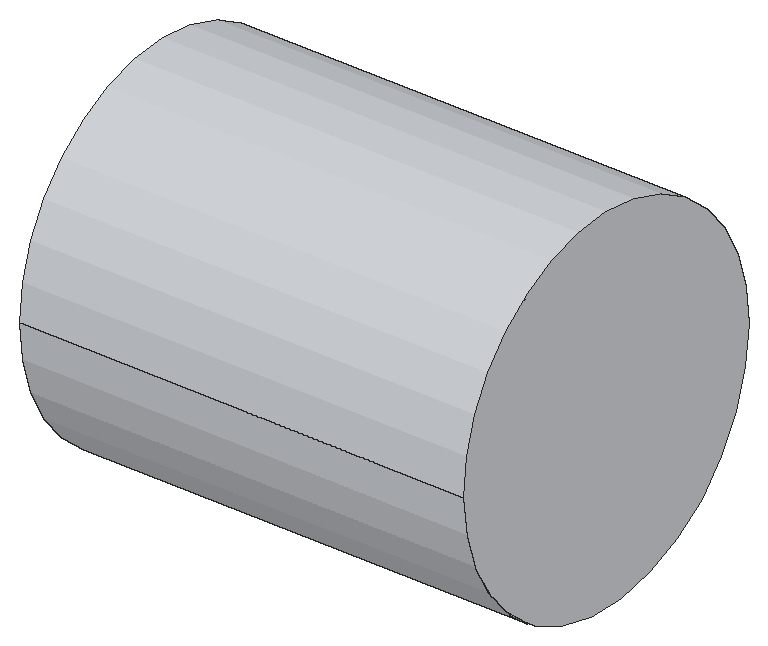
Revit family "GPC-Raiser", category Pipe Accessories, Revit 2025
Family settings
  Round Connector Dimension = Use Radius
  Part Type = Sensor
  OmniClass Number = 23.60.10.14
  OmniClass Title = Pressure Measuring Instruments
  Work Plane-Based = No
  Always vertical = Yes
  Cut with Voids When Loaded = No
  Shared = No
Parameters (values of type "50 mm Dial - 8 mm")
  built-in parameter 1114242 [instance] = 1
  Thickness = 28 mm
  Loss Method = Not Defined
  Dial Radius 5 = Dial Radius 4 * 1.5  # 3.75 mm
  Dial Radius 4 = Dial Radius * 0.1  # 2.5 mm
  Dial Radius 3 = Dial Radius * 0.8  # 20 mm
  Dial Radius 2 = Dial Radius * 0.5  # 12.5 mm
  Dial Radius 1 = Dial Radius * 0.9  # 22.5 mm
  Dial Radius = Dial Diameter / 2  # 25 mm
  Dial Diameter = 50 mm
  Nominal Radius = 4 mm
  Nominal Diameter = Nominal Radius * 2  # 8 mm
  Length 7 = Dial Radius 3 / 4  # 5 mm
  Length 6 = Dial Radius 2 * sin(45.00°)  # 8.839 mm
  Length 5 = Dial Radius 4 * 2 * sin(45.00°)  # 3.536 mm
  Length 4 = Dial Radius 2 * sin(45.00°) - Dial Radius 4 * sin(45.00°)  # 7.071 mm
  Length 3 = Dial Radius 2 * sin(45.00°) + Dial Radius 4 * sin(45.00°)  # 10.607 mm
  Length 2 = Dial Radius 3 * sin(45.00°)  # 14.142 mm
  Length 1 = Thickness / 4  # 7 mm
  Height = 72 mm
  Gauge Material = none
  Default Elevation = 0 mm
Types (4, lengths in mm): name | built-in parameter 1114242 | Thickness | Dial Radius 5 | Dial Radius 4 | Dial Radius 3 | Dial Radius 2 | Dial Radius 1 | Dial Radius | Dial Diameter | Length 7 | Length 6 | Length 5 | Length 4 | Length 3 | Length 2 | Length 1 | Height
  50 mm Dial - 8 mm | 1 | 28 | 3.75 | 2.5 | 20 | 12.5 | 22.5 | 25 | 50 | 5 | 8.839 | 3.536 | 7.071 | 10.607 | 14.142 | 7 | 72
  63 mm Dial - 8 mm | (empty or 0) | 28 | 4.725 | 3.15 | 25.2 | 15.75 | 28.35 | 31.5 | 63 | 6.3 | 11.137 | 4.455 | 8.91 | 13.364 | 17.819 | 7 | 85
  80 mm Dial - 8 mm | (empty or 0) | 29 | 6 | 4 | 32 | 20 | 36 | 40 | 80 | 8 | 14.142 | 5.657 | 11.314 | 16.971 | 22.627 | 7.25 | 99
  100 mm Dial - 8 mm | (empty or 0) | 31 | 7.5 | 5 | 40 | 25 | 45 | 50 | 100 | 10 | 17.678 | 7.071 | 14.142 | 21.213 | 28.284 | 7.75 | 120
Reference planes
  plane 1 "Center (Front/Back)": y = 0
  plane 2: z = 0
  plane 3 "Center (Left/Right)": x = 0
  plane 4: x = 10
  plane 5: z = 7
  plane 6: z = 14
  plane 7: z = 21
  plane 8: z = -7
  plane 9: z = 17.5
Forms (mm)
  Extrusion 1, solid, material <- "Gauge Material", detail levels fine
    sketch origin (0, 0, 0) x (0, 1, 0) y (0, 0, 1)
      loop
        circle (0, 0) r 4
    from 0 to 10
Dimensions and locks
  "Length 1": plane 5 to plane 2
  "Length 1": plane 6 to plane 5
  "Length 1": plane 7 to plane 6
  "Length 1": plane 2 to plane 8
  equal spacing: plane 7, plane 9, plane 6
  plane 3 "Center (Left/Right)" to plane 4 = 10 mm
  "Nominal Radius": radius of Extrusion 1 sketch curve
  aligned and locked: plane 2 to Extrusion 1 sketch curve
  aligned and locked: plane 1 "Center (Front/Back)" to Extrusion 1 sketch curve
  aligned and locked: Extrusion 1 to plane 3 "Center (Left/Right)"
  aligned and locked: plane 4 to Extrusion 1
Connectors
  piping at (0, 0, 0), diameter 8, driven by "Nominal Radius"
    settings: on Extrusion 1, index 1, connector inside diameter 609.6 mm, connector length 0 mm, flow factor 0, pipe flow 0.0 L/s, pressure drop 0.0 Pa, fitting loss kfactor 0, connector angle 0.00°, fixture units 0, engagement length 0 mm, angle of deflection 0.00°, flow configuration 0, flow direction 0, fitting loss method 0, system type 7, joint type 0, gender type 0, connector reference index 2, connector utility 0, adjustable connector no, is connector primary yes, connector description ""
  piping at (10, 0, 0), diameter 8, driven by "Nominal Radius"
    settings: on Extrusion 1, index 2, connector inside diameter 609.6 mm, connector length 0 mm, flow factor 0, pipe flow 0.0 L/s, pressure drop 0.0 Pa, fitting loss kfactor 0, connector angle 0.00°, fixture units 0, engagement length 0 mm, angle of deflection 0.00°, flow configuration 0, flow direction 0, fitting loss method 0, system type 7, joint type 0, gender type 0, connector reference index 1, connector utility 0, adjustable connector no, is connector primary no, connector description ""
